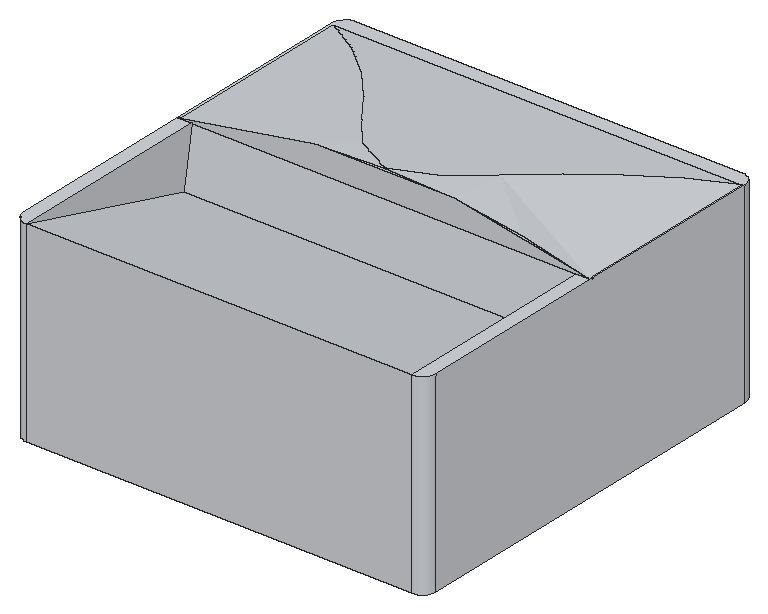
Revit family "2824200", category Lighting Fixtures, Revit 2017
Family settings
  Round Connector Dimension = Use Diameter
  Part Type = Normal
  OmniClass Number = 23.80.70.00
  OmniClass Title = Lighting
  Work Plane-Based = No
  Always vertical = Yes
  Cut with Voids When Loaded = No
  Light Source = Yes
  Shared = No
  Room Calculation Point = No
Parameters (values of type "2824200 MURO RECESSED SQUARE IP66 450LM 830 GR")
  Weight = "5.68 kg"
  Wattage = 9.5 W
  WarrantyStartDate [instance] = "n/a"
  WarrantyGuarantorParts = "n/a"
  WarrantyDurationUnit = "n/a"
  WarrantyDurationParts = "n/a"
  WarrantyDescription = "n/a"
  WIDTH_SYL = 92.5 mm
  built-in parameter 1150110 = 1 (stored number, unit not read)
  Voltage = 0 V
  URL = "http://www.sylvania-lighting.com"
  TypeName = "Muro Recessed Square IP66 450lm 830 Grey"
  built-in parameter 1114217 = 1 (stored number, unit not read)
  Tilt Angle = -90.00°
  built-in parameter 1150109 = 1 (stored number, unit not read)
  built-in parameter 1150134 = (empty or 0)
  built-in parameter 1150113 = 1 (stored number, unit not read)
  SerialNumber [instance] = "n/a"
  PowerFactor = 0
  PowerConsumption = "9.5 W"
  Photometric Web File = "2824200_V1.IES"
  NominalWidth = 0 mm
  NominalLength = 185 mm
  NominalHeight = 100 mm
  Name = "Muro Recessed Square IP66 450lm 830 Grey"
  ModelReference = "Muro Recessed Square IP66 450lm 830 Grey"
  ModelNumber = "2824200"
  Model = "Muro Recessed Square IP66 450lm 830 Grey"
  Material_4_FEILO = none
  Material_3_FEILO = none
  Material_2_FEILO = none
  Material_1_FEILO = none
  Material = "n/a"
  ManufacturerName = "Feilo Sylvania"
  Manufacturer = "Feilo Sylvania"
  LuminousEfficacy = "47 lm/W"
  Lumens = 446.5 lm
  LuminaireType = ""
  built-in parameter 1150115 = 1 (stored number, unit not read)
  built-in parameter 1150105 = 359.26 (stored number, unit not read)
  LightOutputRatio = "n/a"
  built-in parameter 1150137 = (empty or 0)
  built-in parameter 1150139 = (empty or 0)
  LampsType = "LED"
  LampNominalLuminous = "450 lm"
  LampMacAdamStep = "3"
  LampColourTemperature = "3000 K"
  LampColourRenderingIndex = "80"
  built-in parameter 1150112 = 1 (stored number, unit not read)
  built-in parameter 1150114 = 1 (stored number, unit not read)
  Lamp = "LED"
  Keynote = "16500"
  InstallationDate [instance] = "n/a"
  InputVoltage = "n/a"
  InputNominalFrequency = "n/a"
  built-in parameter 1150132 = 2
  built-in parameter 1150102 = (empty or 0)
  built-in parameter 1150138 = (empty or 0)
  built-in parameter 1150107 = 3000 (stored number, unit not read)
  IngressProtection = "IP66"
  ImpactProtectionIndex = "IK08"
  built-in parameter 1150106 = 3.5926 (stored number, unit not read)
  IfcExportType = "IfcLightFixtureType"
  IfcExportAs = "IfcLightFixtureType"
  HEIGHT_SYL = 92.5 mm
  ElectricShockClassification = "Class I"
  built-in parameter 1150104 = 4.3664 (stored number, unit not read)
  DocumentationLiterature = "http://www.sylvania-lighting.com/product/en-int/products/2824200"
  DimmingControlOptions = "n/a"
  Dimming Lamp Color Temperature Shift = <None>
  Description = "-"
  DEPTH_SYL = 100 mm
  CreatedOn = "3/3/2021"
  CreatedBy = "@sylvania-lighting.com"
  Color Filter = 16777215
  ClassificationValue = "EF_70_80"
  ClassificationName = "Uniclass2015"
  CUT_WIDT_SYL = 4 mm
  CUT_DIST_SYL = 2 mm
  CUTDEPTH_SYL = 38 mm
  CHAMF_SYL = 6 mm
  BarCode [instance] = "n/a"
  built-in parameter 1114218 = 1 (stored number, unit not read)
  built-in parameter 1150133 = 10 (stored number, unit not read)
  AssetType = "Fixed"
  AssetIdentifier [instance] = "n/a"
  Assembly Code = "D5020200"
  Apparent Load = 9.5 VA
Types (2, lengths in mm): name | Wattage | TypeName | built-in parameter 1150134 | PowerConsumption | Photometric Web File | Name | ModelReference | ModelNumber | Model | LuminousEfficacy | Lumens | built-in parameter 1150105 | LampNominalLuminous | LampColourTemperature | built-in parameter 1150107 | built-in parameter 1150106 | built-in parameter 1150104 | DocumentationLiterature | Apparent Load
  2824200 MURO RECESSED SQUARE IP66 450LM 830 GR | 9.5 W | "Muro Recessed Square IP66 450lm 830 Grey" | (empty or 0) | "9.5 W" | "2824200_V1.IES" | "Muro Recessed Square IP66 450lm 830 Grey" | "Muro Recessed Square IP66 450lm 830 Grey" | "2824200" | "Muro Recessed Square IP66 450lm 830 Grey" | "47 lm/W" | 446.5 lm | 359.26 (stored number, unit not read) | "450 lm" | "3000 K" | 3000 (stored number, unit not read) | 3.5926 (stored number, unit not read) | 4.3664 (stored number, unit not read) | "http://www.sylvania-lighting.com/product/en-int/products/2824200" | 9.5 VA
  2824201 MURO RECESSED SQUARE IP66 470LM 840 GR | 9.2 W | "Muro Recessed Square IP66 470lm 840 Grey" | 12 | "9.2 W" | "2824201_V2.IES" | "Muro Recessed Square IP66 470lm 840 Grey" | "Muro Recessed Square IP66 470lm 840 Grey" | "2824201" | "Muro Recessed Square IP66 470lm 840 Grey" | "51 lm/W" | 469.2 lm | 377.52 (stored number, unit not read) | "470 lm" | "4000 K" | 4000 (stored number, unit not read) | 3.7752 (stored number, unit not read) | 4.7381 (stored number, unit not read) | "http://www.sylvania-lighting.com/product/en-int/products/2824201" | 9.2 VA
Reference planes
  plane 1 "Light Source Axis (F/B)": y = 0
  plane 2: z = 0
  plane 3 "Light Source Axis (L/R)": x = 0
  plane 4 "Light Source Elevation": z = -51.816
  plane 5: x = 92.5
  plane 6: x = -92.5
  plane 7: y = -92.5
  plane 8: y = 92.5
  plane 9: z = 100
  plane 10: y = 87.5
  plane 11: z = 62
  plane 12: y = -4
  plane 13: x = -86.5
  plane 14: x = 86.5
  plane 15: y = 86.5
  plane 16: y = -86.5
  plane 17: z = 98
  plane 18: y = 2
Forms (mm)
  Extrusion 1, solid
    sketch origin (0, 0, 0) x (1, 0, 0) y (0, 1, 0)
      loop
        arc (-86.584, 92.5) -> (-90.457, 91.083) -> (-92.5, 87.5) r 6
        line (-92.5, 87.5) -> (-92.5, -86.5)
        arc (-92.5, -86.5) -> (-90.743, -90.743) -> (-86.5, -92.5) r 6
        line (-86.5, -92.5) -> (86.5, -92.5)
        arc (86.5, -92.5) -> (90.743, -90.743) -> (92.5, -86.5) r 6
        line (92.5, -86.5) -> (92.5, 86.5)
        arc (92.5, 86.5) -> (90.743, 90.743) -> (86.5, 92.5) r 6
        line (86.5, 92.5) -> (-86.584, 92.5)
    from 0 to 87.6
  Extrusion 2, solid
    sketch origin (0, 0, 0) x (0, 1, 0) y (0, 0, 1)
      loop
        line (0, 100) -> (0, 87.5) -> (86.5, 87.5) -> (0, 100)
    from -92.5 to 92.5
  Extrusion 3, void
    sketch origin (0, 0, 0) x (0, 1, 0) y (0, 0, 1)
      loop
        line (2, 98) -> (-92.5, 87.6) -> (-4.491, 62) -> (2, 98)
    from -86.5 to 86.5
  Blend 4, void
    base sketch origin (0, 0, 0) x (1, 0, 0) y (0, 0, 1)
      loop
        arc (-92.5, 87.5) -> (0, 100) -> (92.5, 87.5) r 348.5
        line (92.5, 87.5) -> (92.5, 222.5) -> (-92.5, 222.5) -> (-92.5, 87.5)
    top sketch origin (0, 0, 0) x (1, 0, 0) y (0, 0, 1)
      loop
        arc (-92.5, 87.5) -> (0, 91.07) -> (92.5, 87.5) r 1200
        line (92.5, 87.5) -> (92.5, 182.5) -> (-92.5, 182.5) -> (-92.5, 87.5)
    from 0 to -86.5
Cuts and joins
  Extrusion 3 cuts Extrusion 1
  Blend 4 cuts Extrusion 2
Dimensions and locks
  "HEIGHT_SYL": plane 7 to plane 1 "Light Source Axis (F/B)" to plane 8
  "WIDTH_SYL": plane 6 to plane 3 "Light Source Axis (L/R)" to plane 5
  "DEPTH_SYL": level to plane 9
  "CUTDEPTH_SYL": plane 11 to plane 9
  "CUT_WIDT_SYL": plane 1 "Light Source Axis (F/B)" to plane 12
  "CHAMF_SYL": plane 7 to plane 16
  "CHAMF_SYL": plane 15 to plane 8
  "CHAMF_SYL": plane 6 to plane 13
  "CHAMF_SYL": plane 14 to plane 5
  "CUT_DIST_SYL": plane 17 to plane 9
  "CUT_DIST_SYL": plane 18 to plane 1 "Light Source Axis (F/B)"
  aligned and locked: level to plane 2
  aligned and locked: plane 8 to Extrusion 1 sketch curve
  aligned and locked: plane 6 to Extrusion 1 sketch curve
  aligned and locked: Extrusion 1 sketch curve to plane 7
  aligned and locked: Extrusion 1 sketch curve to plane 5
  aligned and locked: plane 5 to Extrusion 2
  aligned and locked: Extrusion 2 to plane 6
  aligned and locked: Extrusion 3 to plane 13
  aligned and locked: plane 14 to Extrusion 3
Automatic sketch dimensions
  plane 6 to Extrusion 1 sketch curve = 5.916 mm
  plane 6 to Extrusion 1 sketch curve = 6 mm
  Extrusion 1 sketch curve to plane 5 = 6 mm  (x2)
  Extrusion 1 sketch curve to Extrusion 1 sketch curve = 6 mm
  Extrusion 2 sketch curve to plane 1 "Light Source Axis (F/B)" = 0 mm
  plane 9 to Extrusion 2 sketch curve = 0 mm
  plane 10 to Extrusion 2 sketch curve = 1 mm
  Extrusion 2 sketch curve to Extrusion 2 sketch curve = 12.5 mm
  Extrusion 3 sketch curve to plane 7 = 0 mm
  plane 11 to Extrusion 3 sketch curve = 0 mm
  plane 17 to Extrusion 3 sketch curve = 0 mm
  Extrusion 3 sketch curve to plane 18 = 0 mm
  plane 12 to Extrusion 3 sketch curve = 0.491 mm
  plane 17 to Extrusion 3 sketch curve = 10.4 mm
  Blend 4 sketch curve to plane 6 = 0 mm  (x2)
  Blend 4 sketch curve to plane 3 "Light Source Axis (L/R)" = 0 mm
  Blend 4 sketch curve to plane 5 = 0 mm  (x2)
  Blend 4 sketch curve to level = 248.5 mm
  plane 17 to Blend 4 sketch curve = 10.5 mm  (x2)
  Blend 4 sketch curve to plane 9 = 122.5 mm
  plane 3 "Light Source Axis (L/R)" to Blend 4 sketch curve = 0 mm
  Blend 4 sketch curve to level = 1108.93 mm
  Blend 4 sketch curve to plane 9 = 82.5 mm
